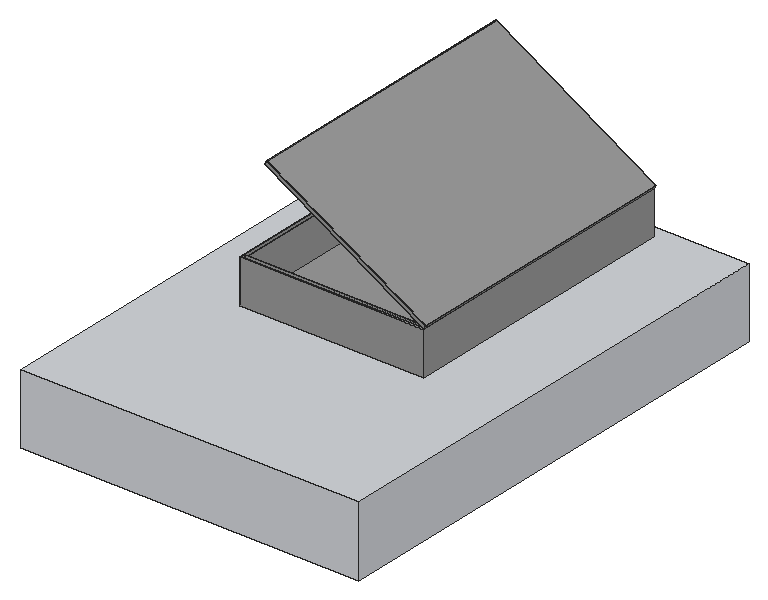
Revit family "Hager-Univers-IP54-D205-H1250-Cl.II-Encl-PT-pt", category Equipement électrique, Revit 2020
Family settings
  Hôte = Face
  Configuration du panneau = Deux colonnes, circuits au sein
  Cote de connecteur circulaire = Utiliser le diamètre
  Type d'élément = Tableau de raccordement
  Couper avec des vides une fois chargée = Non
  Partagée = Non
  Point de calcul de pièce = Non
Parameters (values of type "Montagem em superfície (gesso) IP54 L800 A1250 P205  - FP83SW2")
  Width Control [instance] = if([EF000008 - Largura] > Min Width, [EF000008 - Largura], Min Width)  # 800 mm
  Commentaires du type = [HG000003 - Gama]  # "Univers"
  Thickness Door [instance] = if([EF009171 - Espessura do material da porta/tampa] > 3 mm, 3 mm, [EF009171 - Espessura do material da porta/tampa])  # 1 mm
  Seal Frame Offset [instance] = 17 mm  # constant formula
  Plinth Visibility [instance] = [HG000027 - Altura da Plinta] > 0 mm  # no
  Model = ""
  Min Width [instance] = 100 mm  # constant formula
  Min Height [instance] = 100 mm  # constant formula
  Min Depth [instance] = (2 * [EF009170 - Espessura do material do invólucro]) + 1 mm  # 3 mm
  Internal Frame Depth [instance] = (Door System Depth * 0.5)  # 9 mm
  Height Control [instance] = if([EF000040 - Altura] > Min Height, [EF000040 - Altura], Min Height)  # 1250 mm
  HG000027 - Altura da Plinta = 0 mm
  HG000026 - Instalação no chão = no
  HG000024 - Altura da secção inferior = 800 mm
  HG000023 - Recinto de secção dupla = no
  HG000016 - Visibilidade da porta 3D [instance] = yes
  HG000015 - Visibilidade através da porta [instance] = no
  HG000014 - Porta à direita [instance] = yes
  HG000013 - Porta à esquerda [instance] = not([HG000014 - Porta à direita])  # no
  HG000012 - Ângulo de abertura de porta [instance] = 30.00°
  HG000010 - Portas assimétricas = no
  HG000009 - Porta dupla = no
  HG000006 - Encastrado = no
  HG000004 - Referência do Fabricante = "FP83SW2"
  HG000003 - Gama = "Univers"
  HG000002 - Com porta ou tampa = yes
  Frame Offset Bottom [instance] = 10 mm  # constant formula
  Frame Offset [instance] = 15 mm  # constant formula
  EF015940 - Tampa com libertação de sobrepressão = no
  EF011959 - Grau de proteção (NEMA) = ""
  EF009554 - Número de aberturas para placas de flange = 6
  Fabricant = "Hager"  # constant formula
  EF009212 - Tipo de tampa = "EV000116 - Fechado"
  EF009171 - Espessura do material da porta/tampa = 1 mm
  EF009170 - Espessura do material do invólucro = 1 mm
  EF008873 - Corrente nominal (In) = 250 A
  EF007800 - Adequado para proteção contra raios = no
  EF006306 - Com fecho = no
  EF006244 - Tampa/porta transparente = no
  EF005474 - Grau de proteção (IP) = "EV006419 - IP54"
  EF004464 - Tipo de porta = "EV002646 - Único"
  EF004427 - Número de módulos = 288
  EF004293 - Força de impacto = "EV006813 - IK07"
  EF003532 - Adequado para uso no exterior = no
  EF002950 - Largura em número de módulos = 36
  EF001613 - Integridade do circuito = "EV000494 - Nenhum"
  EF001596 - Material do corpo = "EV000179 - Aço"
  EF001131 - Profundidade interior = 130 mm
  EF001088 - Extensão possível = yes
  EF000437 - Número de entradas de condutores = 6
  EF000339 - Tipo de difusor = "EV004216 - Porta"
  EF000266 - Número de linhas = 8
  EF000218 - Profundidade incorporada = 205 mm
  EF000118 - Com tampa de montagem = no
  EF000116 - Número RAL = "9010"
  EF000049 - Profundidade = 205 mm
  EF000040 - Altura = 1250 mm
  EF000008 - Largura = 800 mm
  EF000007 - Cor = "EV000202 - Branco"
  EF000003 - Método de montagem = "EV000384 - Montagem em superfície (gesso)"
  Door System Leaf Tolerance [instance] = 1.5 mm  # constant formula
  Door System Depth [instance] = 18 mm  # constant formula
  Door Height [instance] = Height Control - [HG000027 - Altura da Plinta]  # 1250 mm
  Depth Control [instance] = if([EF000049 - Profundidade] > Min Depth, [EF000049 - Profundidade], Min Depth)  # 205 mm
  Default Elevation = 0 mm
  Connector Offset [instance] = Height Control / 2  # 625 mm
  Bottom Top Plate Trim [instance] = 1.5 mm  # constant formula
  Plinth height Ctrl [instance] = if([HG000027 - Altura da Plinta] > 0 mm, [HG000027 - Altura da Plinta], 12 mm)  # 12 mm
Types (5, lengths in mm): name | Width Control | HG000010 - Portas assimétricas | HG000009 - Porta dupla | HG000004 - Referência do Fabricante | EF009554 - Número de aberturas para placas de flange | EF004464 - Tipo de porta | EF004427 - Número de módulos | EF004293 - Força de impacto | EF002950 - Largura em número de módulos | EF000437 - Número de entradas de condutores | EF000008 - Largura
  Montagem em superfície (gesso) IP54 L1050 A1250 P205  - FP84SW2 | 1050 | no | yes | "FP84SW2" | 8 | "EV003602 - Duplo" | 384 | "EV006815 - IK09" | 48 | 8 | 1050
  Montagem em superfície (gesso) IP54 L1300 A1250 P205  - FP85SW2 | 1300 | yes | yes | "FP85SW2" | 10 | "EV003602 - Duplo" | 480 | "EV006815 - IK09" | 60 | 10 | 1300
  Montagem em superfície (gesso) IP54 L300 A1250 P205  - FP81SW2 | 300 | no | no | "FP81SW2" | 2 | "EV002646 - Único" | 96 | "EV006815 - IK09" | 12 | 2 | 300
  Montagem em superfície (gesso) IP54 L550 A1250 P205  - FP82SW2 | 550 | no | no | "FP82SW2" | 4 | "EV002646 - Único" | 192 | "EV006815 - IK09" | 24 | 4 | 550
  Montagem em superfície (gesso) IP54 L800 A1250 P205  - FP83SW2 | 800 | no | no | "FP83SW2" | 6 | "EV002646 - Único" | 288 | "EV006813 - IK07" | 36 | 6 | 800
Reference planes
  plane 1 "Center (Front/Back)": y = 0
  plane 2: z = 0
  plane 3 "Center (Left/Right)": x = 0
  plane 4: z = 205
  plane 5: y = 1
  plane 6: y = 625
  plane 7: y = 0
  plane 8: y = 1250
  plane 9: z = 0
  plane 10: x = -385
  plane 11: x = 385
  plane 12: x = 384
  plane 13: x = -384
  plane 14: y = 1249
  plane 15: x = -383
  plane 16: x = -400
  plane 17: x = 383
  plane 18: x = 400
  plane 19: x = 399
  plane 20: x = -399
  plane 21: y = 11
  plane 22: y = 1250
  plane 23: y = 1234
  plane 24: z = 187
  plane 25: z = 1
  plane 26: z = 186
  plane 27: z = 204
Forms (mm)
  Extrusion 1, solid
    sketch origin (0, 0, 0) x (1, 0, 0) y (0, 1, 0)
      loop
        line (-702.964, 1305) -> (-702.964, -811.445) -> (766.763, -811.445) -> (766.763, 1305) -> (-702.964, 1305)
    from 0 to -304.8
  Extrusion 2, solid, material "Hager_Steel_RAL7035_Light_Grey", visible <- "Plinth Visibility", detail levels medium+fine
    sketch origin (0, 0, 0) x (1, 0, 0) y (0, 1, 0)
      loop
        line (-400, 0) -> (400, 0) -> (400, 12) -> (-400, 12) -> (-400, 0)
    from 0 to 187
  Extrusion 3, solid, material "Hager_Steel_RAL7035_Light_Grey", detail levels medium+fine
    sketch origin (0, 0, 0) x (1, 0, 0) y (0, 1, 0)
      loop
        line (-400, 0) -> (400, 0) -> (400, 1250) -> (-400, 1250) -> (-400, 0)
    from 0 to 187
  Extrusion 4, void
    sketch origin (0, 0, 0) x (1, 0, 0) y (0, 1, 0)
      loop
        line (-399, 1) -> (399, 1) -> (399, 1249) -> (-399, 1249) -> (-399, 1)
    from 1 to 186
  Extrusion 5, void
    sketch origin (-381.607, -4572, 187) x (0, -1, 0) y (-1, 0, 0)
      loop
        line (-4583, 2.393) -> (-5806, 2.393) -> (-5806, -765.607) -> (-4583, -765.607) -> (-4583, 2.393)
    from 0 to 1 <- "EF009170 - Espessura do material do invólucro"
  Extrusion 6, solid, material "Hager_Steel_RAL7035_Light_Grey", detail levels fine
    sketch origin (0, 0, 187) x (1, 0, 0) y (0, 1, 0)
      loop
        line (-384, 1234) -> (-384, 11) -> (384, 11) -> (384, 1234) -> (-384, 1234)
      loop
        line (-385, 10) -> (385, 10) -> (385, 1235) -> (-385, 1235) -> (-385, 10)
    from 0 to 9 <- "Internal Frame Depth"
  Extrusion 7, solid, material "Hager_Steel_RAL7035_Light_Grey", detail levels coarse
    sketch origin (0, 0, 0) x (1, 0, 0) y (0, 1, 0)
      loop
        line (-400, 0) -> (400, 0) -> (400, 1250) -> (-400, 1250) -> (-400, 0)
    from 0 to 205
  Sweep 8, void
    path in 3D
      loop
        line (-400, 12, 0) -> (400, 12, 0) -> (400, 12, 187) -> (-400, 12, 187) -> (-400, 12, 0)
    profile origin (-400, 12, 93.5) x (-1, 0, 0) y (0, -1, 0)
      loop
        line (0, 0) -> (0, 1.5) -> (-1.5, 1.5)
        arc (-1.5, 1.5) -> (-1.061, 0.439) -> (0, 0) r 1.5
Cuts and joins
  Extrusion 4, Extrusion 5 cuts Extrusion 3
  Sweep 8 cuts Extrusion 2
Lines and regions (mm)
  Masking region 1
    outline origin (0, 0, 0) x (1, 0, 0) y (0, 0, 1)
      loop
        line (-400, 205) -> (-400, 0) -> (400, 0) -> (400, 205) -> (-400, 205)
  Masking region 2, detail levels medium+fine
    outline origin (0, 140, 0) x (0, 1, 0) y (0, 0, 1)
      loop
        line (-140, 0) -> (1110, 0) -> (1110, 187) -> (-140, 187) -> (-140, 0)
  Masking region 3, not visible, detail levels medium+fine
    outline origin (0, 297.922, 0) x (0, 1, 0) y (0, 0, 1)
      loop
        line (338.578, 0) -> (378.578, 0) -> (378.578, 194)
        arc (378.578, 194) -> (375.649, 201.071) -> (368.578, 204) r 10
        line (368.578, 204) -> (338.578, 204) -> (338.578, 0)
  Masking region 4, detail levels coarse
    outline origin (0, 0, 180) x (0, 1, 0) y (0, 0, 1)
      loop
        line (0, -180) -> (1250, -180) -> (1250, 25) -> (0, 25) -> (0, -180)
  Masking region 5, visible <- "Plinth Visibility", detail levels medium+fine
    outline origin (0, 52.24, 12.345) x (0, 0, -1) y (0, 1, 0)
      loop
        line (10.845, -40.24) -> (-173.155, -40.24)
        arc (-173.155, -40.24) -> (-173.594, -41.301) -> (-174.655, -41.74) r 1.5
        line (-174.655, -41.74) -> (-174.655, -52.24) -> (12.345, -52.24) -> (12.345, -41.74)
        arc (12.345, -41.74) -> (11.285, -41.301) -> (10.845, -40.24) r 1.5
  Masking region 6, detail levels medium+fine
    outline origin (-381.607, -4572, 187) x (-1, 0, 0) y (0, -1, 0)
      loop
        line (18.393, -5822) -> (18.393, -4572) -> (-781.607, -4572) -> (-781.607, -5822) -> (18.393, -5822)
  Masking region 7, visible <- "Plinth Visibility", detail levels medium+fine
    outline origin (-381.607, -4727, 187) x (-1, 0, 0) y (0, -1, 0)
      loop
        arc (16.893, -4739) -> (17.332, -4737.939) -> (18.393, -4737.5) r 1.5
        line (18.393, -4737.5) -> (18.393, -4727) -> (-781.607, -4727) -> (-781.607, -4737.5)
        arc (-781.607, -4737.5) -> (-780.546, -4737.939) -> (-780.107, -4739) r 1.5
        line (-780.107, -4739) -> (16.893, -4739)
  Masking region 8, detail levels coarse
    outline origin (-442.548, -4669.526, 187) x (-1, 0, 0) y (0, -1, 0)
      loop
        line (-42.548, -5919.526) -> (-42.548, -4669.526) -> (-842.548, -4669.526) -> (-842.548, -5919.526) -> (-42.548, -5919.526)
  sketch lines
    curve 1: line (-400, 12, 187) -> (-400, 12, 0)
    curve 2: line (400, 12, 187) -> (-400, 12, 187)
    curve 3: line (400, 12, 187) -> (400, 12, 0)
    curve 4: line (-400, 12, 0) -> (400, 12, 0)
Dimensions and locks
  "Depth Control": plane 4 to Extrusion 1
  "HG000027 - Altura da Plinta": plane 1 "Center (Front/Back)" to plane 7
  "EF009170 - Espessura do material do invólucro": plane 5 to plane 7
  locked: connector elem to plane 3 "Center (Left/Right)"
  equal spacing: plane 8, plane 6, plane 7
  locked: connector elem to plane 6
  "EF009170 - Espessura do material do invólucro": plane 8 to plane 14
  "EF009170 - Espessura do material do invólucro": plane 10 to plane 13
  "EF009170 - Espessura do material do invólucro": plane 12 to plane 11
  "Frame Offset": plane 20 to plane 13
  "Frame Offset": plane 12 to plane 19
  "EF009170 - Espessura do material do invólucro": plane 16 to plane 20
  "EF009170 - Espessura do material do invólucro": plane 19 to plane 18
  "Seal Frame Offset": plane 16 to plane 15
  "Seal Frame Offset": plane 17 to plane 18
  "Frame Offset Bottom": plane 21 to plane 5
  "Frame Offset": plane 14 to plane 23
  equal spacing: plane 16, plane 3 "Center (Left/Right)", plane 18
  "Width Control": plane 16 to plane 18
  "EF009170 - Espessura do material do invólucro": plane 4 to plane 27
  "EF009170 - Espessura do material do invólucro": plane 24 to plane 26
  "EF009170 - Espessura do material do invólucro": plane 25 to level
  "Door System Depth": plane 4 to plane 24
  "Height Control": plane 1 "Center (Front/Back)" to Extrusion 7 sketch curve
  "Height Control": Masking region 4 sketch curve to plane 1 "Center (Front/Back)"
  "Height Control": plane 1 "Center (Front/Back)" to plane 22
  "Bottom Top Plate Trim": profile plane to Sweep 8 sketch curve
  "Bottom Top Plate Trim": Sweep 8 sketch curve to profile plane
  "Plinth height Ctrl": plane 1 "Center (Front/Back)" to Extrusion 2 sketch curve
  "Plinth height Ctrl": Masking region 5 sketch curve to plane 1 "Center (Front/Back)"
  "Plinth height Ctrl": plane 1 "Center (Front/Back)" to Masking region 7 sketch curve
  "Thickness Door": Extrusion 6 sketch curve to Extrusion 6 sketch curve  (x3)
  "Thickness Door": cut or joined group of Extrusion 3, Extrusion 4, Extrusion 5 to Extrusion 6 sketch curve
  radius of Masking region 3 sketch curve = 10 mm
  "Bottom Top Plate Trim": radius of Masking region 5 sketch curve  (x2)
  "Bottom Top Plate Trim": radius of Sweep 8 sketch curve
  "Bottom Top Plate Trim": radius of Masking region 7 sketch curve  (x2)
  aligned and locked: plane 2 to Extrusion 1
  aligned and locked: level to Extrusion 1
  aligned and locked: level to Masking region 1 sketch curve
  aligned and locked: Masking region 1 sketch curve to plane 18
  aligned and locked: Masking region 1 sketch curve to plane 16
  aligned and locked: plane 7 to Masking region 2 sketch curve
  aligned and locked: level to Masking region 3 sketch curve
  aligned and locked: Masking region 3 sketch curve to plane 27
  aligned and locked: level to Masking region 2 sketch curve
  aligned and locked: plane 1 "Center (Front/Back)" to Extrusion 2 sketch curve
  aligned and locked: Extrusion 3 sketch curve to plane 7
  aligned and locked: plane 16 to Extrusion 3 sketch curve
  aligned and locked: plane 18 to Extrusion 3 sketch curve
  aligned and locked: plane 20 to Extrusion 4 sketch curve
  aligned and locked: plane 19 to Extrusion 4 sketch curve
  aligned and locked: Extrusion 4 sketch curve to plane 5
  aligned and locked: Extrusion 4 to plane 25
  aligned and locked: plane 26 to Extrusion 4
  aligned and locked: plane 24 to Extrusion 3
  aligned and locked: Extrusion 5 sketch curve to plane 21
  aligned and locked: Extrusion 5 sketch curve to plane 13
  aligned and locked: Extrusion 5 sketch curve to plane 12
  aligned and locked: plane 18 to Extrusion 7 sketch curve
  aligned and locked: plane 1 "Center (Front/Back)" to Extrusion 7 sketch curve
  aligned and locked: plane 16 to Extrusion 7 sketch curve
  aligned and locked: plane 4 to Extrusion 7
  aligned and locked: Extrusion 7 to level
  aligned and locked: level to Masking region 4 sketch curve
  aligned and locked: Masking region 4 sketch curve to plane 1 "Center (Front/Back)"
  aligned and locked: Masking region 4 sketch curve to plane 4
  aligned and locked: nested 1 to level
  aligned and locked: nested 1 to plane 16
  aligned and locked: plane 8 to Extrusion 3 sketch curve
  aligned and locked: plane 23 to Extrusion 5 sketch curve
  aligned and locked: plane 14 to Extrusion 4 sketch curve
  aligned and locked: Masking region 2 sketch curve to plane 8
  aligned and locked: level to Masking region 5 sketch curve
  aligned and locked: plane 16 to Extrusion 2 sketch curve
  aligned and locked: plane 18 to Extrusion 2 sketch curve
  aligned and locked: Masking region 5 sketch curve to plane 24
  aligned and locked: Masking region 2 sketch curve to plane 24
  aligned and locked: plane 24 to Extrusion 2
  aligned and locked: profile plane to Sweep 8 sketch curve  (x2)
  aligned and locked: Masking region 6 sketch curve to plane 18
  aligned and locked: Masking region 6 sketch curve to plane 22
  aligned and locked: Masking region 6 sketch curve to plane 16
  aligned and locked: plane 8 to plane 22
  aligned and locked: Masking region 6 sketch curve to plane 7
  aligned and locked: Masking region 7 sketch curve to plane 16
  aligned and locked: Masking region 7 sketch curve to plane 1 "Center (Front/Back)"
  aligned and locked: Masking region 7 sketch curve to plane 18
  aligned and locked: Masking region 8 sketch curve to plane 1 "Center (Front/Back)"
  aligned and locked: Masking region 8 sketch curve to plane 18
  aligned and locked: Masking region 8 sketch curve to plane 22
  aligned and locked: Masking region 8 sketch curve to plane 16
  aligned and locked: nested 2 to plane 7
  aligned and locked: plane 3 "Center (Left/Right)" to nested 2
  aligned and locked: nested 2 to plane 24
  aligned and locked: Extrusion 6 sketch curve to cut or joined group of Extrusion 3, Extrusion 4, Extrusion 5  (x4)
Automatic sketch dimensions
  Extrusion 1 sketch curve to Extrusion 1 sketch curve = 1469.727 mm
  Extrusion 1 sketch curve to Extrusion 1 sketch curve = 2116.445 mm
  Masking region 1 sketch curve to plane 4 = 0 mm
  plane 6 to Masking region 3 sketch curve = 11.5 mm
  Masking region 3 sketch curve to Masking region 3 sketch curve = 30 mm
  Masking region 5 sketch curve to plane 1 "Center (Front/Back)" = 0 mm
Nested families
  nested 1: "Hager_Enclosure_Symbol" at (-400, 0, 0) x (1, 0, 0) z (0, -1, 0), Height <- "Depth Control", Width <- "Width Control", type "Hager_Enclosure_Symbol"
    with Width_Ctrl 800 mm, Width 800 mm, Height_Ctrl 205 mm, Height 205 mm, A_Width_Int 13.453 mm, A_Width 161.438 mm, A_Height_Ctrl 179.375 mm, A_Height 179.375 mm
  nested 2: "EC000058_Univers_Door" at (0, 0, 187) x (1, 0, 0) z (0, 1, 0), Leaf_Tolerance <- "Door System Leaf Tolerance", Angle <- "HG000012 - Ângulo de abertura de porta", Door_Depth <- "Door System Depth", Door_Left <- "HG000013 - Porta à esquerda", Transparent <- "EF006244 - Tampa/porta transparente", Assymetrical <- "HG000010 - Portas assimétricas", Width <- "Width Control", Clearance <- "HG000015 - Visibilidade através da porta", Double <- "HG000009 - Porta dupla", 3d_Door <- "HG000016 - Visibilidade da porta 3D", Lock_Visibility <- "EF006306 - Com fecho", Width_Ctrl <- "Width Control", Door_Right <- "HG000014 - Porta à direita", Door <- "HG000002 - Com porta ou tampa", Height <- "Door Height", Thickness <- "Thickness Door", type "EC000058_Univers_Door", detail levels medium+fine
    with min_wh 3 mm, Width_Ctrl 800 mm, Width 800 mm, Transparent no, Thickness 1 mm, Seal_Material Hager_Rubber, Lock_Visibility no, Lock_Material Hager_Plastic_RAL9005_Jet_Black, Leaf_Width 800 mm, Leaf_Tolerance_External_Sides 0 mm, Leaf_Tolerance 1.5 mm, Leaf_Offset 0 mm, Leaf_Height 1247 mm, Leaf_2_Width 800 mm, Leaf_2_Offset 400 mm, Leaf_1_Width 800 mm, Leaf_1_Offset 400 mm, Height_Ctrl 1250 mm, Height 1250 mm, Glass_Material Hager_Glass, Double_Clearance_Ctrl no, Double no, Door_Right_Ctrl yes, Door_Right yes, Door_Material Hager_Steel_RAL7035_Light_Grey, Door_Left_Ctrl no, Door_Left no, Door_Depth 18 mm, Door yes, Clearance_Material Hager_Clearance, Clearance_Depth 800 mm, Clearance_Ctrl no, Clearance no, Assymetrical no, Angle 30.00°, 3d_Door yes
Connectors
  electrical at (0, 625, 0)
    settings: on plane 9, index 1, voltage 0 V, apparent load 0 VA, apparent load phase1 0 VA, apparent load phase2 0 VA, apparent load phase3 0 VA, power factor 1, load classification "Other", number of poles 1, system type 30, power factor state 1, is connector primary yes, connector utility no, sub classification motor no, connector description ""
Definition of nested family "EC000058_Univers_Door"
  Parameters (values of type "EC000058_Univers_Door")
    min_wh [instance] = (2 * Thickness) + 1 mm  # 11 mm
    Width_Ctrl [instance] = 400 mm
    Width [instance] = 500 mm
    Transparent [instance] = yes
    Thickness [instance] = 5 mm
    Seal_Material [instance] = none
    Lock_Visibility [instance] = yes
    Lock_Material [instance] = none
    Leaf_Width [instance] = if((Width_Ctrl - 2 * Leaf_Tolerance_External_Sides) > 0 mm, (Width_Ctrl - 2 * Leaf_Tolerance_External_Sides), min_wh)  # 400 mm
    Leaf_Tolerance_External_Sides [instance] = 0 mm  # constant formula
    Leaf_Tolerance [instance] = 1.5 mm
    Leaf_Offset [instance] = 0 mm  # constant formula
    Leaf_Height [instance] = if((Height_Ctrl - 2 * Leaf_Tolerance) > 0 mm, (Height_Ctrl - 2 * Leaf_Tolerance), min_wh)  # 497 mm
    Leaf_2_Width [instance] = if(and(and(Double, Assymetrical), Door_Left), (Leaf_Width / 3) - (Leaf_Tolerance / 2), if(and(and(Double, Assymetrical), Door_Right), (Leaf_Width / 3) * 2 - (Leaf_Tolerance / 2), if(and(Double, not(Assymetrical)), (Leaf_Width / 2) - Leaf_Tolerance, Leaf_Width)))  # 400 mm
    Leaf_2_Offset [instance] = if(and(Double, Assymetrical), Leaf_2_Width / 2, if(and(Double, not(Assymetrical)), Leaf_Width / 4, Leaf_Width / 2))  # 200 mm
    Leaf_1_Width [instance] = if(and(and(Double, Assymetrical), Door_Right), (Leaf_Width / 3) - (Leaf_Tolerance / 2), if(and(and(Double, Assymetrical), Door_Left), (Width / 3) * 2 - (Leaf_Tolerance / 2), if(and(Double, not(Assymetrical)), (Leaf_Width / 2) - Leaf_Tolerance, Leaf_Width)))  # 400 mm
    Leaf_1_Offset [instance] = if(and(Double, Assymetrical), Leaf_1_Width / 2, if(and(Double, not(Assymetrical)), Leaf_Width / 4, Leaf_Width / 2))  # 200 mm
    Height_Ctrl [instance] = if(Height > min_wh, Height, min_wh)  # 500 mm
    Height [instance] = 500 mm
    Glass_Material [instance] = none
    Double_Clearance_Ctrl [instance] = and(Double, Clearance)  # no
    Double [instance] = no
    Door_Right_Ctrl [instance] = and(or(Door_Right, Double), Door)  # yes
    Door_Right [instance] = yes
    Door_Material [instance] = none
    Door_Left_Ctrl [instance] = and(or(Door_Left, Double), Door)  # no
    Door_Left [instance] = no
    Door_Depth [instance] = 30 mm
    Door [instance] = yes
    Default Elevation = 1219.2 mm
    Clearance_Material [instance] = none
    Clearance_Depth [instance] = if(Leaf_1_Width > Leaf_2_Width, Leaf_1_Width, Leaf_2_Width)  # 400 mm
    Clearance_Ctrl [instance] = and(not(Double), Clearance)  # yes
    Clearance [instance] = yes
    Assymetrical [instance] = yes
    Angle [instance] = 30.00°
    3d_Door [instance] = yes
  Reference planes
    plane 1 "Center (Front/Back)": y = 0
    plane 2 "Bottom": z = 0
    plane 3 "Center (Left/Right)": x = 0
    plane 4: z = 500
    plane 5: x = -200
    plane 6: x = 200
    plane 7: z = 500
    plane 8: x = -200
    plane 9: z = 0
    plane 10: x = 200
    plane 11: y = 0
    plane 12: z = 1.5
    plane 13: x = -600
    plane 14: y = -400
    plane 15: x = 600
    plane 16: x = 0
    plane 17: x = 0
    plane 18: x = -200
    plane 19: x = 200
    plane 20: z = 498.5
  Forms (mm)
    Extrusion 1, solid, material <- "Clearance_Material", visible <- "Double_Clearance_Ctrl"
      sketch origin (1200, 0, 0) x (1, 0, 0) y (0, 0, -1)
        loop
          line (-1800, -498.5) -> (-600, -498.5) -> (-600, 0) -> (-1800, 0) -> (-1800, -498.5)
      from 0 to -400
  Dimensions and locks
    equal spacing: plane 5, plane 3 "Center (Left/Right)", plane 6
    "Width_Ctrl": plane 5 to plane 6
    "Leaf_Offset": plane 5 to plane 8
    "Leaf_Offset": plane 6 to plane 10
    "Leaf_Offset": plane 9 to level
    "Leaf_Offset": plane 4 to plane 7
    "Height_Ctrl": plane 4 to level
    "Leaf_Tolerance": plane 12 to plane 9
    locked: plane 11 to plane 1 "Center (Front/Back)"
    "Leaf_1_Offset": plane 18 to plane 16
    "Leaf_2_Offset": plane 17 to plane 19
    "Leaf_1_Width": plane 13 to plane 8
    "Leaf_2_Width": plane 10 to plane 15
    "Clearance_Depth": plane 14 to plane 1 "Center (Front/Back)"
    "Leaf_Tolerance_External_Sides": plane 8 to plane 18
    "Leaf_Tolerance_External_Sides": plane 19 to plane 10
    "Leaf_Tolerance": plane 7 to plane 20
    aligned and locked: level to plane 2 "Bottom"
    aligned and locked: nested 1 to plane 16
    aligned and locked: nested 2 to plane 17
    aligned and locked: Extrusion 1 to plane 13
    aligned and locked: plane 15 to Extrusion 1
    aligned and locked: Extrusion 1 to plane 14
    aligned and locked: plane 12 to nested 1
    aligned and locked: nested 2 to plane 12
    aligned and locked: Extrusion 1 to plane 11
    aligned and locked: plane 20 to Extrusion 1
    aligned and locked: nested 2 to plane 11
    aligned and locked: nested 1 to plane 11
  Automatic sketch dimensions
    Extrusion 1 sketch curve to level = 0 mm
    plane 5 to Extrusion 1 sketch curve = 400 mm
    plane 6 to Extrusion 1 sketch curve = 400 mm
    Extrusion 1 sketch curve to plane 4 = 1.5 mm
  Nested families
    nested 1: "EC000058_Univers_Door_Leaf" at (0, 0, 1.5), Width <- "Leaf_1_Width", visible <- "Door_Left_Ctrl", Leaf_Height <- "Leaf_Height", Angle <- "Angle", 3d_Door <- "3d_Door", Transparent <- "Transparent", Clearance Material <- "Clearance_Material", Clearance <- "Clearance_Ctrl", Door_Material <- "Door_Material", Glass_Material <- "Glass_Material", Door_Depth <- "Door_Depth", Lock_Material <- "Lock_Material", Seal_Material <- "Seal_Material", Lock_Visibility <- "Lock_Visibility", Thickness <- "Thickness", type "EC000058_Univers_Door_Leaf"
      with Width 400 mm, Transparent_Glass_Offset 30 mm, Transparent_Ctrl yes, Transparent yes, Thickness 5 mm, Standard no, Seal_Material none, Seal_D2 8 mm, Seal_D1 1 mm, Offset_Internal_Frame 10 mm, Lock_Width 20 mm, Lock_Visibility_3d yes, Lock_Visibility yes, Lock_Thickness_3 3 mm, Lock_Thickness_2 1 mm, Lock_Thickness_1 3 mm, Lock_Radius_Offset_2 16 mm, Lock_Radius_Offset_1 15 mm, Lock_Radius_2 5 mm, Lock_Radius 6 mm, Lock_Offset 5 mm, Lock_Material none, Lock_Height 80 mm, Lock_Cover_Top_Offset_2d 17 mm, Lock_Cover_Height -65 mm, Leaf_Height 497 mm, Internal_Seal_Thickness 8 mm, Internal_Seal_Depth_2 4.5 mm, Internal_Frame_Depth 25 mm, Glass_Thickness -1 mm, Glass_Offset -2 mm, Glass_Material none, Door_Material none, Door_Depth 30 mm, Clearance Material none, Clearance yes, Angle_Ctrl 30.00°, Angle 30.00°, 3d_Door yes
    nested 2: "EC000058_Univers_Door_Leaf" at (0, 0, 1.5) x (-1, 0, 0) z (0, 0, 1), Width <- "Leaf_2_Width", visible <- "Door_Right_Ctrl", Leaf_Height <- "Leaf_Height", Angle <- "Angle", 3d_Door <- "3d_Door", Transparent <- "Transparent", Clearance Material <- "Clearance_Material", Clearance <- "Clearance_Ctrl", Door_Material <- "Door_Material", Glass_Material <- "Glass_Material", Door_Depth <- "Door_Depth", Lock_Material <- "Lock_Material", Seal_Material <- "Seal_Material", Lock_Visibility <- "Lock_Visibility", Thickness <- "Thickness", type "EC000058_Univers_Door_Leaf"
      with Width 400 mm, Transparent_Glass_Offset 30 mm, Transparent_Ctrl yes, Transparent yes, Thickness 5 mm, Standard no, Seal_Material none, Seal_D2 8 mm, Seal_D1 1 mm, Offset_Internal_Frame 10 mm, Lock_Width 20 mm, Lock_Visibility_3d yes, Lock_Visibility yes, Lock_Thickness_3 3 mm, Lock_Thickness_2 1 mm, Lock_Thickness_1 3 mm, Lock_Radius_Offset_2 16 mm, Lock_Radius_Offset_1 15 mm, Lock_Radius_2 5 mm, Lock_Radius 6 mm, Lock_Offset 5 mm, Lock_Material none, Lock_Height 80 mm, Lock_Cover_Top_Offset_2d 17 mm, Lock_Cover_Height -65 mm, Leaf_Height 497 mm, Internal_Seal_Thickness 8 mm, Internal_Seal_Depth_2 4.5 mm, Internal_Frame_Depth 25 mm, Glass_Thickness -1 mm, Glass_Offset -2 mm, Glass_Material none, Door_Material none, Door_Depth 30 mm, Clearance Material none, Clearance yes, Angle_Ctrl 30.00°, Angle 30.00°, 3d_Door yes
  Definition of nested family "EC000058_Univers_Door_Leaf"
    Parameters (values of type "EC000058_Univers_Door_Leaf")
      Width [instance] = 2000 mm
      Transparent_Glass_Offset [instance] = 30 mm
      Transparent_Ctrl [instance] = and(Transparent, [3d_Door])  # yes
      Transparent [instance] = yes
      Thickness [instance] = 5 mm
      Standard [instance] = and(not(Transparent), [3d_Door])  # no
      Seal_Material [instance] = none
      Seal_D2 [instance] = 8 mm  # constant formula
      Seal_D1 [instance] = 1 mm  # constant formula
      Offset_Internal_Frame [instance] = 10 mm  # constant formula
      Lock_Width [instance] = 20 mm  # constant formula
      Lock_Visibility_3d [instance] = and(Lock_Visibility, [3d_Door])  # yes
      Lock_Visibility [instance] = yes
      Lock_Thickness_3 [instance] = 3 mm  # constant formula
      Lock_Thickness_2 [instance] = 1 mm  # constant formula
      Lock_Thickness_1 [instance] = 3 mm  # constant formula
      Lock_Radius_Offset_2 [instance] = Lock_Radius_Offset_1 + 1 mm  # 16 mm
      Lock_Radius_Offset_1 [instance] = 15 mm  # constant formula
      Lock_Radius_2 [instance] = Lock_Radius - 1 mm  # 5 mm
      Lock_Radius [instance] = 6 mm  # constant formula
      Lock_Offset [instance] = 5 mm  # constant formula
      Lock_Material [instance] = none
      Lock_Height [instance] = 80 mm  # constant formula
      Lock_Cover_Top_Offset_2d [instance] = Lock_Radius_Offset_2 + 1 mm  # 17 mm
      Lock_Cover_Height [instance] = -(Lock_Height - Lock_Radius_Offset_1)  # -65 mm
      Leaf_Height [instance] = 2720.336 mm
      Internal_Seal_Thickness [instance] = 8 mm  # constant formula
      Internal_Seal_Depth_2 [instance] = 4.5 mm  # constant formula
      Internal_Frame_Depth [instance] = if(Door_Depth - Thickness > 5 mm, Door_Depth - Thickness, 5 mm)  # 25 mm
      Glass_Thickness [instance] = if(Thickness > 15 mm, Glass_Offset + 10 mm, -1 mm)  # -1 mm
      Glass_Offset [instance] = if(Thickness > 15 mm, -(Thickness + 10 mm) / 2, -2 mm)  # -2 mm
      Glass_Material [instance] = none
      Door_Material [instance] = none
      Door_Depth [instance] = 30 mm
      Default Elevation = 0 mm
      Clearance Material [instance] = none
      Clearance [instance] = yes
      Angle_Ctrl [instance] = if(Angle > 180.00°, 180.00°, Angle)  # 90.00°
      Angle [instance] = 90.00°
      3d_Door [instance] = yes
    Reference planes
      plane 1 "Center (Front/Back)": y = 0
      plane 2: z = 0
      plane 3 "Center (Left/Right)": x = 0
      plane 4: y = 2000
      plane 5: x = -1000
      plane 6: x = 1000
      plane 7: x = -3000
      plane 8: z = 2720.336
      plane 9: z = 30
      plane 10: z = 2690.336
      plane 11: x = 970
      plane 12: x = -970
      plane 13: y = -3
      plane 14: z = 107.833
      plane 15: y = -5
      plane 16: y = -223.314
      plane 17: x = -1000
      plane 18: z = 1360.168
      plane 19: y = 30
    Forms (mm)
      Extrusion 1, solid, material <- "Clearance Material", visible <- "Clearance"
        sketch origin (0, 0, 0) x (1, 0, 0) y (0, 0, 1)
          loop
            line (-3000, 2720.336) -> (-3000, 0) -> (1000, 0) -> (1000, 2720.336) -> (-3000, 2720.336)
        from 0 to -2000
      Extrusion 2, solid, material <- "Door_Material", visible <- "Standard", detail levels medium+fine
        sketch origin (-1000, 0, 0) x (0, 1, 0) y (-1, 0, 0)
          loop
            line (0, 30) -> (0, 25) -> (2000, 25) -> (2000, 30) -> (0, 30)
        from 0 to 2720.336 <- "Leaf_Height"
      Extrusion 3, solid, material <- "Door_Material", visible <- "Transparent_Ctrl", detail levels medium+fine
        sketch origin (-1000, 0, 0) x (0, 1, 0) y (-1, 0, 0)
          loop
            line (0, 25) -> (2000, 25) -> (2000, 30) -> (0, 30) -> (0, 25)
        from 0 to 2720.336 <- "Leaf_Height"
      Extrusion 4, void
        sketch origin (-1025, 2000, 0) x (0, 1, 0) y (0, 0, -1)
          loop
            line (-30, -2690.336) -> (-30, -30) -> (-1970, -30) -> (-1970, -2690.336) -> (-30, -2690.336)
        from 0 to 5 <- "Thickness"
      Sweep 5, solid, material <- "Seal_Material", visible <- "Transparent_Ctrl", detail levels fine
        path in 3D
          loop
            line (-1025, 30, 30) -> (-1025, 30, 2690.336) -> (-1025, 1970, 2690.336) -> (-1025, 1970, 30) -> (-1025, 30, 30)
        profile origin (-1025, 1000, 30) x (1, 0, 0) y (0, 0, 1)
          loop
            line (0, 0) -> (0, -8) -> (1, -8) -> (1, 0) -> (0, 0)
      Extrusion 6, solid, material <- "Glass_Material", visible <- "Transparent_Ctrl", detail levels medium+fine
        sketch origin (-1030, 0, 0) x (0, 1, 0) y (0, 0, -1)
          loop
            line (1970, -2690.336) -> (1970, -30) -> (30, -30) -> (30, -2690.336) -> (1970, -2690.336)
        from -2 <- "Glass_Offset" to -1 <- "Glass_Thickness"
      Extrusion 7, solid, material <- "Door_Material", visible <- "3d_Door", detail levels medium+fine
        sketch origin (-1025, 2000, 0) x (0, -1, 0) y (0, 0, -1)
          loop
            line (0, -2720.336) -> (2000, -2720.336) -> (2000, 0) -> (0, 0) -> (0, -2720.336)
          loop
            line (1995, -5) -> (5, -5) -> (5, -2715.336) -> (1995, -2715.336) -> (1995, -5)
        from 0 to 25 <- "Internal_Frame_Depth"
      Sweep 8, solid, material <- "Seal_Material", visible <- "Transparent_Ctrl", detail levels fine
        path in 3D
          loop
            line (-1025, 0, 0) -> (-1025, 2000, 0) -> (-1025, 2000, 2720.336) -> (-1025, 0, 2720.336) -> (-1025, 0, 0)
        profile origin (-1025, 0, 1360.168) x (1, 0, 0) y (0, 1, 0)
          loop
            line (0, 10) -> (2.975, 10)
            arc (2.975, 10) -> (4.053, 10.447) -> (4.5, 11.525) r 1.525
            line (4.5, 11.525) -> (4.5, 16.527)
            arc (4.5, 16.527) -> (4.069, 17.569) -> (3.027, 18) r 1.473
            line (3.027, 18) -> (0, 18) -> (0, 10)
      Extrusion 9, solid, material <- "Lock_Material", visible <- "Lock_Visibility_3d", detail levels fine
        sketch origin (-1030, 0, 0) x (0, 1, 0) y (0, 0, -1)
          loop
            arc (1993.5, -1400.168) -> (1994.561, -1399.729) -> (1995, -1398.668) r 1.5
            line (1995, -1398.668) -> (1995, -1320.168) -> (1975, -1320.168) -> (1975, -1398.668)
            arc (1975, -1398.668) -> (1975.439, -1399.729) -> (1976.5, -1400.168) r 1.5
            line (1976.5, -1400.168) -> (1993.5, -1400.168)
        from 3 <- "Lock_Thickness_1" to 0
      Blend 10, solid, material <- "Lock_Material", visible <- "Lock_Visibility_3d", detail levels fine
        base sketch origin (-1033, 0, 0) x (0, 1, 0) y (0, 0, -1)
          loop
            line (1975, -1320.168) -> (1975, -1398.668)
            arc (1975, -1398.668) -> (1975.439, -1399.729) -> (1976.5, -1400.168) r 1.5
            line (1976.5, -1400.168) -> (1993.5, -1400.168)
            arc (1993.5, -1400.168) -> (1994.561, -1399.729) -> (1995, -1398.668) r 1.5
            line (1995, -1398.668) -> (1995, -1320.168) -> (1975, -1320.168)
        top sketch origin (-1033, 0, 0) x (0, 1, 0) y (0, 0, -1)
          loop
            line (1976, -1320.168) -> (1976, -1398.668)
            arc (1976, -1398.668) -> (1976.146, -1399.022) -> (1976.5, -1399.168) r 0.5
            line (1976.5, -1399.168) -> (1993.5, -1399.168)
            arc (1993.5, -1399.168) -> (1993.854, -1399.022) -> (1994, -1398.668) r 0.5
            line (1994, -1398.668) -> (1994, -1320.168) -> (1976, -1320.168)
        from 0 to 1 <- "Lock_Thickness_2"
      Blend 11, solid, material <- "Lock_Material", visible <- "Lock_Visibility_3d", detail levels fine
        base sketch origin (-1034, 0, 0) x (0, 1, 0) y (0, 0, -1)
          loop
            line (1978, -1320.168) -> (1978, -1384.168)
            arc (1978, -1384.168) -> (1985, -1391.168) -> (1992, -1384.168) r 7
            line (1992, -1384.168) -> (1992, -1320.168) -> (1978, -1320.168)
        top sketch origin (-1034, 0, 0) x (0, 1, 0) y (0, 0, -1)
          loop
            line (1991, -1320.168) -> (1979, -1320.168) -> (1979, -1383.168)
            arc (1979, -1383.168) -> (1985, -1389.168) -> (1991, -1383.168) r 6
            line (1991, -1383.168) -> (1991, -1320.168)
        from 0 to 3 <- "Lock_Thickness_3"
      Extrusion 12, solid, material <- "Lock_Material", visible <- "Lock_Visibility_3d", detail levels fine
        sketch origin (-1030, 1975, 1320.168) x (1, 0, 0) y (0, -1, 0)
          loop
            line (-7, -19) -> (-7, -1) -> (0, -1) -> (0, 0) -> (-8, 0) -> (-8, -20) -> (0, -20) -> (0, -19) -> (-7, -19)
        from 0 to -65 <- "Lock_Cover_Height"
      Extrusion 13, void
        sketch origin (-1038, 1995, 1320.168) x (-1, 0, 0) y (0, 0, -1)
          loop
            line (-5, -65) -> (0, -65) -> (-5, -60) -> (-5, -65)
        from 0 to 20 <- "Lock_Width"
      Extrusion 14, void
        sketch origin (-1038, 1975, 1320.168) x (0, -1, 0) y (0, 0, -1)
          loop
            circle (-10, -15.995) r 6
          loop
            circle (-10, -15.995) r 5
        from 0 to 2
      Extrusion 15, solid, material <- "Lock_Material", visible <- "Lock_Visibility_3d", detail levels medium
        sketch origin (-1030, 0, 0) x (0, 1, 0) y (0, 0, -1)
          loop
            arc (1993.5, -1400.168) -> (1994.561, -1399.729) -> (1995, -1398.668) r 1.5
            line (1995, -1398.668) -> (1995, -1320.168) -> (1975, -1320.168) -> (1975, -1398.668)
            arc (1975, -1398.668) -> (1975.439, -1399.729) -> (1976.5, -1400.168) r 1.5
            line (1976.5, -1400.168) -> (1993.5, -1400.168)
        from 8 to 0
    Cuts and joins
      Extrusion 4 cuts Extrusion 3
      Extrusion 13, Extrusion 14 cuts Extrusion 9
      Extrusion 14 cuts Blend 11
      Extrusion 13, Extrusion 14 cuts Extrusion 12
      joined: Extrusion 9, Blend 10, Blend 11, Extrusion 12
      Extrusion 14 cuts Extrusion 15
    Lines and regions (mm)
      Masking region 1, visible <- "Lock_Visibility", detail levels fine
        outline origin (0, 0, 0) x (0, 1, 0) y (0, 0, 1)
          loop
            line (30, 1320.168) -> (33, 1320.168) -> (33, 1400.168) -> (30, 1400.168) -> (30, 1320.168)
      Masking region 2, visible <- "Lock_Visibility", detail levels fine
        outline origin (0, 3.143, 0) x (0, 1, 0) y (0, 0, 1)
          loop
            line (29.857, 1354.168) -> (30.857, 1354.168) -> (30.857, 1366.168) -> (29.857, 1366.168) -> (29.857, 1354.168)
      Masking region 3, detail levels medium+fine
        outline origin (0, 0, 0) x (0, 1, 0) y (0, 0, 1)
          loop
            line (0, 0) -> (30, 0) -> (30, 2720.336) -> (0, 2720.336) -> (0, 0)
      Masking region 4, detail levels medium+fine
        outline origin (0, 0, 0) x (1, 0, 0) y (0, 0, 1)
          loop
            line (-1000, 2720.336) -> (-1000, 0) -> (1000, 0) -> (1000, 2720.336) -> (-1000, 2720.336)
      Masking region 5, visible <- "Lock_Visibility", detail levels fine
        outline origin (-47.116, 0, 0) x (1, 0, 0) y (0, 0, 1)
          loop
            arc (1024.616, 1399.168) -> (1023.556, 1398.729) -> (1023.116, 1397.668) r 1.5
            line (1023.116, 1397.668) -> (1023.116, 1320.168) -> (1041.116, 1320.168) -> (1041.116, 1397.668)
            arc (1041.116, 1397.668) -> (1040.677, 1398.729) -> (1039.616, 1399.168) r 1.5
            line (1039.616, 1399.168) -> (1024.616, 1399.168)
      Masking region 6, visible <- "Lock_Visibility", detail levels medium+fine
        outline origin (-25, 0, 0) x (1, 0, 0) y (0, 0, 1)
          loop
            arc (1001.5, 1400.168) -> (1000.439, 1399.729) -> (1000, 1398.668) r 1.5
            line (1000, 1398.668) -> (1000, 1320.168) -> (1020, 1320.168) -> (1020, 1398.668)
            arc (1020, 1398.668) -> (1019.561, 1399.729) -> (1018.5, 1400.168) r 1.5
            line (1018.5, 1400.168) -> (1001.5, 1400.168)
      Masking region 7, visible <- "Lock_Visibility", detail levels fine
        outline origin (-73.735, 0, 0) x (1, 0, 0) y (0, 0, 1)
          loop
            line (1051.735, 1382.168) -> (1065.735, 1382.168) -> (1065.735, 1384.168)
            arc (1065.735, 1384.168) -> (1058.735, 1391.168) -> (1051.735, 1384.168) r 7
            line (1051.735, 1384.168) -> (1051.735, 1382.168)
      Masking region 8, visible <- "Lock_Visibility", detail levels fine
        outline origin (-73.735, 0, 0) x (1, 0, 0) y (0, 0, 1)
          loop
            line (1052.735, 1382.168) -> (1064.735, 1382.168) -> (1064.735, 1383.168)
            arc (1064.735, 1383.168) -> (1058.735, 1389.168) -> (1052.735, 1383.168) r 6
            line (1052.735, 1383.168) -> (1052.735, 1382.168)
      Masking region 9, visible <- "Lock_Visibility", detail levels fine
        outline origin (-25, 0, 0) x (1, 0, 0) y (0, 0, 1)
          loop
            line (1020, 1320.168) -> (1020, 1382.168) -> (1000, 1382.168) -> (1000, 1320.168) -> (1020, 1320.168)
      Masking region 10, detail levels medium+fine
        outline origin (0, 0, 0) x (1, 0, 0) y (0, 0, 1)
          loop
            circle (985, 1335.144) r 6
      Masking region 11, detail levels fine
        outline origin (0, 0, 0) x (1, 0, 0) y (0, 0, 1)
          loop
            circle (985, 1335.144) r 5
      Masking region 12, visible <- "Lock_Visibility", detail levels fine
        outline origin (0, 12.767, 0) x (0, 1, 0) y (0, 0, 1)
          loop
            line (20.233, 1320.168) -> (21.233, 1320.168) -> (21.233, 1399.168) -> (20.233, 1400.168) -> (20.233, 1320.168)
      Masking region 13, visible <- "Lock_Visibility", detail levels fine
        outline origin (0, 13.767, -10) x (0, 1, 0) y (0, 0, 1)
          loop
            line (20.233, 1330.168) -> (23.233, 1330.168) -> (23.233, 1399.168) -> (20.233, 1402.168) -> (20.233, 1330.168)
      Masking region 14, visible <- "Lock_Visibility", detail levels fine
        outline origin (0, 12.767, -10) x (0, 1, 0) y (0, 0, 1)
          loop
            line (20.233, 1330.168) -> (25.233, 1330.168) -> (25.233, 1399.305) -> (20.233, 1394.305) -> (20.233, 1330.168)
      Masking region 15, visible <- "Lock_Visibility", detail levels medium
        outline origin (0, 0, 0) x (0, 1, 0) y (0, 0, 1)
          loop
            line (30, 1320.168) -> (38, 1320.168) -> (38, 1400.168) -> (30, 1400.168) -> (30, 1320.168)
      Masking region 16, visible <- "Lock_Visibility", detail levels fine
        outline origin (-1000, 0, 0) x (0, 1, 0) y (-1, 0, 0)
          loop
            line (1975, 30) -> (1995, 30) -> (1995, 38) -> (1975, 38) -> (1975, 30)
          loop
            line (1979, 37) -> (1976, 37) -> (1976, 34) -> (1978, 34) -> (1979, 37)
          loop
            line (1994, 37) -> (1991, 37) -> (1992, 34) -> (1994, 34) -> (1994, 37)
      Masking region 17, visible <- "Lock_Visibility", detail levels medium
        outline origin (-1000, 0, 0) x (0, 1, 0) y (-1, 0, 0)
          loop
            line (1975, 30) -> (1995, 30) -> (1995, 38) -> (1975, 38) -> (1975, 30)
      symbolic lines
        curve 1: line (1000, 0, 0) -> (-3000, 0, 0)
        curve 2: arc (1000, 0, 0) -> (-1000, 2000, 0) -> (-3000, 0, 0) r 2000
        curve 4: line (-1030, 0, 0) -> (-1030, 2000, 0)
      reference lines
        curve 3: line (-1000, 0, 0) -> (-1000, 2000, 0)
      symbolic lines, detail levels medium+fine
        curve 5: line (-1030, 2000, 0) -> (-1025, 2000, 0)
        curve 7: line (-1025, 0, 0) -> (-1030, 0, 0)
        curve 8: line (-1025, 0, 0) -> (-1000, 0, 0)
        curve 9: line (-1000, 0, 0) -> (-1000, 2000, 0)
        curve 10: line (-1000, 2000, 0) -> (-1025, 2000, 0)
      symbolic lines, detail levels fine
        curve 6: line (-1025, 2000, 0) -> (-1025, 0, 0)
      sketch lines
        curve 11: line (-1025, 0, 2720.336) -> (-1025, 0, 0)
        curve 12: line (-1025, 2000, 0) -> (-1025, 0, 0)
        curve 13: line (-1025, 2000, 2720.336) -> (-1025, 2000, 0)
        curve 14: line (-1025, 0, 2720.336) -> (-1025, 2000, 2720.336)
        curve 15: line (-1025, 1970, 30) -> (-1025, 30, 30)
        curve 16: line (-1025, 30, 30) -> (-1025, 30, 2690.336)
        curve 17: line (-1025, 1970, 2690.336) -> (-1025, 1970, 30)
        curve 18: line (-1025, 30, 2690.336) -> (-1025, 1970, 2690.336)
      symbolic lines, visible <- "Transparent", detail levels medium+fine
        curve 19: line (-970, 0, 2690.336) -> (970, 0, 2690.336)
        curve 20: line (-970, 0, 30) -> (-970, 0, 2690.336)
        curve 21: line (970, 0, 30) -> (-970, 0, 30)
        curve 22: line (970, 0, 2690.336) -> (970, 0, 30)
    Dimensions and locks
      "Width": plane 1 "Center (Front/Back)" to plane 4
      equal spacing: plane 5, plane 3 "Center (Left/Right)", plane 6
      "Width": plane 5 to plane 6
      "Width": plane 7 to plane 5
      "Leaf_Height": plane 8 to level
      "Width": curve 5 to curve 3
      "Width": curve 3 to curve 3
      plane 8 to plane 10 = 30 mm
      plane 9 to level = 30 mm
      plane 12 to plane 5 = 30 mm
      plane 6 to plane 11 = 30 mm
      Extrusion 1 to Extrusion 4 sketch curve = 30 mm
      "Transparent_Glass_Offset": curve 3 to Extrusion 4 sketch curve
      "Transparent_Glass_Offset": Extrusion 4 sketch curve to cut or joined group of Extrusion 3, Extrusion 4  (x2)
      cut or joined group of Extrusion 3, Extrusion 4 to Extrusion 6 sketch curve = 30 mm
      "Transparent_Glass_Offset": cut or joined group of Extrusion 3, Extrusion 4 to Extrusion 4 sketch curve
      "Thickness": curve 6 to curve 4
      "Thickness": Extrusion 7 sketch curve to Extrusion 7 sketch curve  (x4)
      "Door_Depth": curve 4 to curve 3
      "Offset_Internal_Frame": profile plane to Sweep 8 sketch curve
      "Internal_Seal_Thickness": Sweep 8 sketch curve to Sweep 8 sketch curve
      "Internal_Seal_Depth_2": profile plane to Sweep 8 sketch curve
      "Seal_D1": profile plane to Sweep 5 sketch curve
      "Seal_D2": profile plane to Sweep 5 sketch curve
      "Thickness": Extrusion 2 sketch curve to Extrusion 2 sketch curve
      equal spacing: Extrusion 9 sketch curve, plane 18, Extrusion 9 sketch curve  (x2)
      equal spacing: Masking region 1 sketch curve, plane 18, Masking region 1 sketch curve
      "Lock_Height": Masking region 1 sketch curve to Masking region 1 sketch curve
      "Lock_Radius": Masking region 2 sketch curve to plane 18 to Masking region 2 sketch curve
      Masking region 2 sketch curve to Masking region 1 = 1 mm
      "Door_Depth": plane 19 to plane 1 "Center (Front/Back)"
      "Lock_Thickness_1": Masking region 1 sketch curve to plane 19
      "Lock_Width": Extrusion 9 sketch curve to Extrusion 9 sketch curve
      "Lock_Height": Extrusion 9 sketch curve to Extrusion 9 sketch curve
      "Lock_Offset": cut or joined group of Extrusion 3, Extrusion 4 to Extrusion 9 sketch curve
      equal spacing: plane 8, plane 18, level
      "Lock_Radius_Offset_1": Blend 11 sketch curve to Blend 10
      locked: Blend 10 to Blend 11 sketch curve at 2  (x2)
      locked: var sketch to Blend 11 sketch curve at 1  (x2)
      "Lock_Radius_Offset_2": Blend 11 sketch curve to Blend 10
      locked: Extrusion 12 sketch curve to Extrusion 12 sketch curve at 1  (x3)
      Masking region 6 sketch curve to Masking region 6 sketch curve = 80 mm
      "Lock_Height": Masking region 6 sketch curve to Masking region 6 sketch curve
      "Lock_Width": Masking region 6 sketch curve to Masking region 6 sketch curve
      locked: Masking region 6 to Masking region 5 sketch curve at 1  (x3)
      locked: Masking region 5 to Masking region 7 sketch curve at 2  (x2)
      "Lock_Radius_Offset_1": Masking region 5 to Masking region 7 sketch curve
      "Lock_Radius_Offset_2": Masking region 5 to Masking region 8 sketch curve
      locked: Masking region 7 to Masking region 8 sketch curve at 1  (x2)
      "Lock_Cover_Top_Offset_2d": Masking region 5 to Masking region 9 sketch curve
      equal spacing: Masking region 9, Masking region 10 sketch curve, Masking region 9
      equal spacing: Masking region 9, Masking region 11 sketch curve, Masking region 9
      Extrusion 15 sketch curve to Extrusion 15 sketch curve = 80 mm
      "Lock_Width": Extrusion 15 sketch curve to Extrusion 15 sketch curve
      "Lock_Height": Extrusion 15 sketch curve to Extrusion 15 sketch curve
      equal spacing: Extrusion 15 sketch curve, plane 18, Extrusion 15 sketch curve
      "Lock_Thickness_3": Masking region 13 sketch curve to Masking region 13 sketch curve
      "Lock_Height": Masking region 12 sketch curve to Masking region 12 sketch curve
      locked: Masking region 13 sketch curve to Masking region 1 at 8
      locked: Masking region 14 sketch curve to Masking region 13 at 1
      locked: Masking region 14 sketch curve to Masking region 1 at 10.863
      "Lock_Height": Masking region 15 sketch curve to Masking region 15 sketch curve
      "Lock_Offset": Extrusion 15 sketch curve to cut or joined group of Extrusion 3, Extrusion 4
      "Lock_Offset": plane 6 to Masking region 6 sketch curve
      radius of Sweep 8 sketch curve = 1.525 mm
      radius of Sweep 8 sketch curve = 1.473 mm
      radius of Extrusion 9 sketch curve = 1.5 mm  (x2)
      "Lock_Radius": radius of Extrusion 14 sketch curve
      "Lock_Radius_2": radius of Extrusion 14 sketch curve
      "Lock_Radius": radius of Masking region 10 sketch curve
      "Lock_Radius_2": radius of Masking region 11 sketch curve
      radius of Extrusion 15 sketch curve = 1.5 mm  (x2)
      "Angle_Ctrl": angle plane 1 "Center (Front/Back)" to curve 3
      locked: Masking region 12 sketch curve to Masking region 12 sketch curve (angle 45.00°)
      locked: Masking region 13 sketch curve to Masking region 13 sketch curve (angle 45.00°)
      locked: Masking region 14 sketch curve to Masking region 14 sketch curve (angle 45.00°)
      aligned and locked: level to plane 2
      aligned and locked: Extrusion 1 to curve 1
      aligned and locked: plane 6 to Extrusion 1
      aligned and locked: Extrusion 1 to plane 1 "Center (Front/Back)"
      aligned and locked: plane 4 to Extrusion 1
      aligned and locked: plane 8 to Extrusion 1
      aligned and locked: curve 7 to Extrusion 2 sketch curve
      aligned and locked: curve 5 to Extrusion 2 sketch curve
      aligned and locked: curve 7 to Extrusion 3 sketch curve
      aligned and locked: Extrusion 3 sketch curve to curve 4
      aligned and locked: Extrusion 3 sketch curve to curve 6
      aligned and locked: Extrusion 3 sketch curve to curve 5
      aligned and locked: curve 9 to curve 3
      aligned and locked: Extrusion 7 sketch curve to cut or joined group of Extrusion 3, Extrusion 4  (x4)
      aligned and locked: plane 17 to curve 3
      aligned and locked: plane 1 "Center (Front/Back)" to curve 3
      aligned and locked: plane 17 to plane 5
      aligned and locked: Sweep 8 sketch curve to profile plane
      aligned and locked: Sweep 5 sketch curve to profile plane  (x2)
      aligned and locked: Masking region 1 to Masking region 2 sketch curve
      aligned and locked: plane 19 to Masking region 1 sketch curve
      aligned and locked: plane 1 "Center (Front/Back)" to Masking region 3 sketch curve
      aligned and locked: plane 19 to Masking region 3 sketch curve
      aligned and locked: level to Masking region 3 sketch curve
      aligned and locked: Masking region 3 sketch curve to plane 8
      aligned and locked: plane 17 to Masking region 4 sketch curve
      aligned and locked: level to Masking region 4 sketch curve
      aligned and locked: Masking region 4 sketch curve to plane 8
      aligned and locked: plane 12 to curve 20
      aligned and locked: plane 10 to curve 19
      aligned and locked: plane 11 to curve 22
      aligned and locked: curve 21 to plane 9
      aligned and locked: Extrusion 2 sketch curve to cut or joined group of Extrusion 3, Extrusion 4
      aligned and locked: Blend 10 sketch curve to Extrusion 9  (x4)
      aligned and locked: Extrusion 9 to Blend 10 sketch curve
      aligned and locked: Blend 10 to Blend 11 sketch curve
      aligned and locked: Extrusion 12 sketch curve to Blend 11
      aligned and locked: Extrusion 12 sketch curve to Extrusion 9  (x4)
      aligned and locked: Masking region 5 sketch curve to Masking region 6
      aligned and locked: Masking region 9 sketch curve to Masking region 6  (x3)
      aligned and locked: Masking region 12 sketch curve to Masking region 1
      aligned and locked: Masking region 13 sketch curve to Masking region 1
      aligned and locked: Masking region 12 to Masking region 14
      aligned and locked: Masking region 14 sketch curve to Masking region 1
      aligned and locked: Masking region 15 sketch curve to Masking region 14
      aligned and locked: Masking region 13 sketch curve to Masking region 12
      aligned and locked: Masking region 16 sketch curve to cut or joined group of Extrusion 14, Extrusion 15  (x4)
      aligned and locked: Masking region 16 sketch curve to cut or joined group of Extrusion 9, Blend 10, Blend 11, Extrusion 12, Extrusion 13, Extrusion 14  (x6)
      aligned and locked: cut or joined group of Extrusion 9, Blend 10, Blend 11, Extrusion 12, Extrusion 13, Extrusion 14 to Masking region 16 sketch curve
      aligned and locked: Masking region 17 sketch curve to cut or joined group of Extrusion 14, Extrusion 15  (x3)
      aligned and locked: Masking region 17 sketch curve to cut or joined group of Extrusion 9, Blend 10, Blend 11, Extrusion 12, Extrusion 13, Extrusion 14
      aligned and locked: Masking region 9 to Masking region 8 sketch curve
      aligned and locked: Masking region 9 to Masking region 7 sketch curve
    Automatic sketch dimensions
      plane 1 "Center (Front/Back)" to curve 2 = 0 mm
      curve 2 to plane 5 = 0 mm
      Extrusion 1 sketch curve to level = 0 mm
      Extrusion 1 sketch curve to plane 7 = 0 mm
      Extrusion 1 sketch curve to plane 6 = 0 mm
      Extrusion 1 sketch curve to plane 8 = 0 mm
      Extrusion 3 to Extrusion 6 sketch curve = 30 mm  (x4)
      Masking region 4 sketch curve to plane 6 = 0 mm
      Blend 10 sketch curve to Extrusion 9 = 1.5 mm
      Blend 10 sketch curve to Extrusion 9 = 1 mm
      Extrusion 13 sketch curve to Extrusion 12 = 0 mm  (x2)
      Extrusion 12 to Extrusion 13 sketch curve = 3 mm
      Extrusion 13 sketch curve to Extrusion 12 = 5 mm
      Extrusion 14 sketch curve to Extrusion 14 sketch curve = 0 mm  (x2)
      Extrusion 14 sketch curve to Extrusion 12 = 10 mm
      Extrusion 14 sketch curve to Extrusion 12 = 15.995 mm
      Masking region 5 sketch curve to Masking region 5 sketch curve = 1.5 mm  (x2)
      Masking region 10 sketch curve to plane 18 = 25.024 mm
      Masking region 11 sketch curve to plane 18 = 25.024 mm
      plane 19 to Masking region 14 sketch curve = 3 mm
      Masking region 16 sketch curve to Masking region 16 sketch curve = 3 mm
      curve 4 to curve 3 = 0 mm
      Blend 10 to Blend 11 sketch curve = 0 mm
      Masking region 6 sketch curve to Masking region 6 sketch curve = 1.5 mm  (x2)
      Masking region 6 sketch curve to plane 18 = 40 mm
      plane 19 to Masking region 12 sketch curve = 3 mm
      Masking region 12 sketch curve to Masking region 12 sketch curve = 1 mm
      Masking region 15 sketch curve to plane 19 = 0 mm
      Masking region 15 sketch curve to plane 18 = 40 mm
      radius of Blend 10 sketch curve to Extrusion 9 = 1 mm
Definition of nested family "Hager_Enclosure_Symbol"
  Parameters (values of type "Hager_Enclosure_Symbol")
    Width_Ctrl [instance] = if(Width > 1 mm, Width, 1 mm)  # 102.27 mm
    Width [instance] = 102.27 mm
    Height_Ctrl [instance] = if(Height > 1 mm, Height, 1 mm)  # 66.5 mm
    A_Width_Int [instance] = if(A_Width / 12 > 2 mm, A_Width / 12, 2 mm)  # 4.364 mm
    A_Width [instance] = if(A_Height_Ctrl * 0.9 > 2 mm, A_Height_Ctrl * 0.9, 2 mm)  # 52.369 mm
    A_Height_Ctrl [instance] = if(A_Height > 2 mm, A_Height, 2 mm)  # 58.188 mm
    Height [instance] = 66.5 mm
    A_Height [instance] = Height - (Height / 8)  # 58.188 mm
  Reference planes
    plane 1 "Centre (avant/arrière)": y = 0
    plane 2: z = 0
    plane 3 "Centre (gauche/droite)": x = 0
    plane 4: x = 52.369
    plane 5: y = 33.042
    plane 6: y = 41.77
    plane 7: y = 66.5
    plane 8: x = 26.184
    plane 9: y = 37.406
    plane 10: x = 102.27
    plane 11: y = 66.5
    plane 12: y = 8.313
  Lines and regions (mm)
    Filled region 1, type "Solid_Black", in view "Niveau de réf."
      outline origin (0, 0, 0) x (1, 0, 0) y (0, 1, 0)
        loop
          line (52.369, 66.5) -> (33.188, 54.536) -> (45.365, 45.006) -> (52.369, 66.5)
    Filled region 2, type "Solid_Black", in view "Niveau de réf."
      outline origin (0, 0, 0) x (1, 0, 0) y (0, 1, 0)
        loop
          line (0, 0) -> (102.27, 0) -> (102.27, 66.5) -> (0, 0)
    detail lines, in view "Niveau de réf."
      curve 1: line (0, 8.313, 0) -> (26.184, 41.77, 0)
      curve 2: line (26.184, 41.77, 0) -> (26.184, 33.042, 0)
      curve 3: line (26.184, 33.042, 0) -> (52.369, 66.5, 0)
  Dimensions and locks
    "A_Width": plane 3 "Centre (gauche/droite)" to plane 4
    equal spacing: plane 3 "Centre (gauche/droite)", plane 8, plane 4
    equal spacing: plane 6, plane 9, plane 5
    equal spacing: curve 3, Filled region 1 sketch curve, Filled region 1 sketch curve
    "Height_Ctrl": plane 1 "Centre (avant/arrière)" to plane 11
    "A_Height_Ctrl": plane 11 to plane 12
    equal spacing: plane 11, plane 9, plane 12
    "A_Width_Int": plane 6 to plane 9
    "Width_Ctrl": plane 3 "Centre (gauche/droite)" to plane 10
    angle Filled region 1 sketch curve to curve 3 = 20.00°
    angle curve 3 to Filled region 1 sketch curve = 20.00°
    locked: curve 3 to Filled region 1 sketch curve (angle 90.00°)
    aligned and locked: plane 10 to Filled region 2
    aligned and locked: plane 11 to Filled region 2 sketch curve
    aligned and locked: plane 10 to Filled region 2 sketch curve
    aligned and locked: plane 3 "Centre (gauche/droite)" to curve 1
    aligned and locked: plane 12 to curve 1
    aligned and locked: plane 7 to plane 11
  Automatic sketch dimensions
    Filled region 1 sketch curve to plane 4 = 0 mm
    Filled region 1 sketch curve to plane 7 = 0 mm
    plane 1 "Centre (avant/arrière)" to Filled region 2 sketch curve = 0 mm
    Filled region 2 sketch curve to plane 3 "Centre (gauche/droite)" = 0 mm
    curve 2 to plane 6 = 0 mm
    curve 2 to plane 8 = 0 mm
    curve 3 to plane 4 = 0 mm
    curve 2 to plane 5 = 0 mm
    curve 3 to plane 7 = 0 mm
